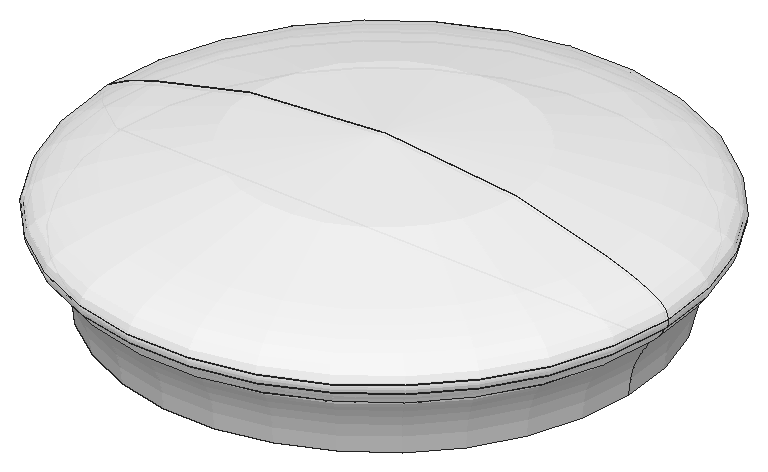
Revit family "0043410", category Lighting Devices, host Face, Revit 2023 (continued)
Definition of nested family "0043410_3000K_30W_lightsource"
  Parameters (values of type "START SURFACE IP54 MW 2500-4000 830/840 lightsource")
    built-in parameter 1150142 = "IESNA:LM-63-2002\r\n[TEST] 20231108003M-01\r\n[TESTLAB] \r\n[TESTDATE] 8 Nov 2023\r\n[ISSUEDATE] 8 Nov 2023\r\n[MANUFAC] SYLVANIA\r\n[LUMCAT] 0043410\r\n[LUMINAIRE] START Surface IP44 Multip MW 4000lm 830 840-3000K 2µµ\r\n[FLASHAREA] 0.030401\r\n[LAMPCAT] LED\r\n[LAMP] LED\r\nTILT=NONE\r\n1 3250.00 1.0 181 3 1 2 -0.400 -0.400 0.000\r\n1.00 1.00 30.00\r\n0.00 1.00 2.00 3.00 4.00 5.00 6.00 7.00 8.00 9.00 10.00 \r\n11.00 12.00 13.00 14.00 15.00 16.00 17.00 18.00 19.00 \r\n20.00 21.00 22.00 23.00 24.00 25.00 26.00 27.00 28.00 \r\n29.00 30.00 31.00 32.00 33.00 34.00 35.00 36.00 37.00 \r\n38.00 39.00 40.00 41.00 42.00 43.00 44.00 45.00 46.00 \r\n47.00 48.00 49.00 50.00 51.00 52.00 53.00 54.00 55.00 \r\n56.00 57.00 58.00 59.00 60.00 61.00 62.00 63.00 64.00 \r\n65.00 66.00 67.00 68.00 69.00 70.00 71.00 72.00 73.00 \r\n74.00 75.00 76.00 77.00 78.00 79.00 80.00 81.00 82.00 \r\n83.00 84.00 85.00 86.00 87.00 88.00 89.00 90.00 91.00 \r\n92.00 93.00 94.00 95.00 96.00 97.00 98.00 99.00 100.00 \r\n101.00 102.00 103.00 104.00 105.00 106.00 107.00 108.00 \r\n109.00 110.00 111.00 112.00 113.00 114.00 115.00 116.00 \r\n117.00 118.00 119.00 120.00 121.00 122.00 123.00 124.00 \r\n125.00 126.00 127.00 128.00 129.00 130.00 131.00 132.00 \r\n133.00 134.00 135.00 136.00 137.00 138.00 139.00 140.00 \r\n141.00 142.00 143.00 144.00 145.00 146.00 147.00 148.00 \r\n149.00 150.00 151.00 152.00 153.00 154.00 155.00 156.00 \r\n157.00 158.00 159.00 160.00 161.00 162.00 163.00 164.00 \r\n165.00 166.00 167.00 168.00 169.00 170.00 171.00 172.00 \r\n173.00 174.00 175.00 176.00 177.00 178.00 179.00 180.00 \r\n0.00 45.00 90.00 \r\n780.32 780.32 780.00 780.00 779.68 779.02 778.38 777.40 \r\n776.43 775.13 773.82 772.20 770.57 768.30 766.02 763.75 \r\n761.15 758.23 755.30 752.38 748.80 745.23 741.32 737.10 \r\n732.88 728.32 723.77 718.57 713.38 707.85 702.32 696.48 \r\n690.30 684.13 677.30 670.80 663.65 656.50 649.02 641.55 \r\n633.43 625.30 616.85 608.40 599.63 590.52 581.43 572.00 \r\n562.57 552.82 542.75 532.68 522.60 511.88 501.15 490.10 \r\n479.38 468.32 456.95 445.57 434.20 422.82 411.13 399.10 \r\n387.40 375.38 363.68 351.97 340.28 328.25 316.55 305.44 \r\n294.29 283.17 271.96 260.78 250.06 239.27 228.96 218.53 \r\n208.94 199.81 190.87 182.36 173.94 166.04 158.44 151.09 \r\n144.17 137.41 131.40 125.71 120.48 115.54 110.92 106.73 \r\n102.77 99.32 96.20 93.27 90.71 88.43 86.35 84.47 82.81 \r\n81.38 80.05 78.91 77.87 76.89 75.95 75.08 74.23 73.42 \r\n72.67 71.89 71.05 70.30 69.55 68.80 68.02 67.24 66.37 \r\n65.52 64.58 63.67 62.69 61.72 60.74 59.64 58.53 57.40 \r\n56.26 55.06 53.79 52.65 51.55 50.50 49.40 48.26 47.13 \r\n45.86 44.59 43.23 41.96 40.82 39.75 38.87 37.96 37.18 \r\n36.27 35.46 34.68 33.90 33.18 32.63 32.56 32.53 31.85 \r\n31.03 30.18 29.55 28.82 28.05 27.08 26.12 25.24 24.19 \r\n22.98 21.60 20.07 18.37 16.49 14.30 12.54 10.96 9.81 7.91 \r\n6.18 6.13 6.12 \r\n780.32 780.32 780.32 780.00 779.68 779.02 778.38 777.73 \r\n776.75 775.45 774.15 772.52 770.90 768.95 767.00 764.73 \r\n761.80 759.52 756.27 753.35 750.10 746.52 742.95 738.73 \r\n734.82 730.27 725.73 720.85 715.98 710.77 704.93 699.40 \r\n693.55 687.38 681.20 674.38 667.55 660.73 653.25 646.10 \r\n638.30 630.82 622.70 614.57 606.13 598.00 588.90 579.48 \r\n570.38 560.63 550.88 540.80 531.05 520.65 510.25 499.52 \r\n488.80 477.75 466.70 455.65 444.27 432.57 421.52 409.82 \r\n398.13 386.10 374.40 362.70 351.32 339.30 327.60 316.03 \r\n304.56 292.99 281.71 270.53 259.68 248.92 238.16 227.92 \r\n217.94 208.78 199.68 191.07 182.68 174.66 166.59 158.86 \r\n151.71 144.85 138.48 132.34 126.75 121.39 116.58 111.96 \r\n107.74 103.94 100.33 97.05 94.15 91.49 89.02 86.81 84.92 \r\n83.13 81.58 80.21 78.94 77.97 77.02 76.21 75.47 74.81 \r\n74.23 73.71 73.29 72.83 72.41 71.95 71.50 71.01 70.52 \r\n70.00 69.48 68.97 68.44 67.92 67.41 66.92 66.40 65.88 \r\n65.29 64.77 64.19 63.57 62.85 62.14 61.33 60.48 59.51 \r\n58.50 57.52 56.52 55.58 54.66 53.79 52.91 52.10 51.22 \r\n50.08 48.95 47.48 46.05 44.56 42.93 41.31 40.10 39.20 \r\n38.25 36.89 35.52 34.22 32.86 31.29 29.62 27.93 25.83 \r\n23.39 21.16 19.09 17.80 16.61 16.92 14.93 11.95 8.95 7.54 \r\n6.29 6.14 6.14 \r\n780.32 780.00 780.00 779.35 779.02 778.38 777.40 776.75 \r\n775.45 774.48 772.85 771.23 769.60 767.32 765.38 762.77 \r\n760.18 757.57 754.65 751.73 748.15 744.90 741.00 737.10 \r\n732.88 728.32 723.77 718.90 713.70 708.50 702.98 697.45 \r\n691.60 685.43 678.93 672.10 665.60 658.45 651.30 643.82 \r\n636.02 628.23 620.10 611.98 603.20 594.43 585.65 576.55 \r\n567.13 557.70 547.95 537.88 527.80 517.40 507.00 496.60 \r\n485.55 474.82 463.77 452.73 441.35 429.65 418.60 406.57 \r\n395.20 383.50 372.13 360.10 348.40 336.70 324.87 313.46 \r\n302.44 291.46 280.47 269.46 258.47 247.75 237.38 226.88 \r\n217.07 207.77 198.93 190.35 182.03 173.78 165.88 158.28 \r\n151.06 144.37 137.74 131.66 126.10 121.00 116.12 111.54 \r\n107.38 103.42 99.87 96.59 93.67 91.00 88.63 86.48 84.53 \r\n82.75 81.19 79.85 78.65 77.58 76.50 75.53 74.59 73.71 \r\n72.87 72.05 71.37 70.69 69.97 69.23 68.44 67.70 66.85 \r\n66.11 65.23 64.32 63.38 62.50 61.62 60.74 59.90 59.12 \r\n58.27 57.46 56.62 55.80 55.09 54.40 53.66 52.98 52.19 \r\n51.38 50.41 49.34 48.10 46.87 45.50 44.20 43.09 42.12 \r\n41.21 40.27 39.16 38.12 37.15 36.17 35.30 34.45 33.48 \r\n32.27 30.96 29.75 28.46 27.33 26.11 24.92 23.88 22.96 \r\n21.76 20.24 18.66 16.88 15.79 16.11 15.62 13.48 10.91 \r\n8.78 7.22 6.17 6.14 \r\n"
    Model = "START SURFACE IP54 MW 2500-4000 830/840 lightsource"
    Manufacturer = "Feilo Sylvania"
    built-in parameter 1150105 = 28170.4 (stored number, unit not read)
    Lumens = 354000 lm
    built-in parameter 1150115 = 1 (stored number, unit not read)
    built-in parameter 1150137 = (empty or 0)
    built-in parameter 1150139 = (empty or 0)
    built-in parameter 1150112 = 1 (stored number, unit not read)
    built-in parameter 1150114 = 1 (stored number, unit not read)
    Lamp = "LED"
    Keynote = "16500"
    built-in parameter 1150132 = (empty or 0)
    built-in parameter 1150102 = 118
    built-in parameter 1150107 = 3000 (stored number, unit not read)
    built-in parameter 1150138 = (empty or 0)
    built-in parameter 1150106 = 281.7 (stored number, unit not read)
    Emit from Circle Diameter = 400 mm  # constant formula
    Emit Shape Visible in Rendering = no
    built-in parameter 1150104 = 10.963 (stored number, unit not read)
    Dimming Lamp Color Temperature Shift = (empty or 0)
    Description = ""
    Default Elevation = 1219.2 mm
    Cost = 0
    Color Filter = 16777215
    built-in parameter 1114216 [instance] = (empty or 0)
    built-in parameter 1114218 = 1 (stored number, unit not read)
    built-in parameter 1150133 = 10 (stored number, unit not read)
    Assembly Code = "D5020200"
    Apparent Load = 0 VA
  Reference planes
    plane 1 "Center (Front/Back)": y = 0
    plane 2: z = 0
    plane 3 "Center (Left/Right)": x = 0
  Forms (mm)
    Extrusion 1, solid
      sketch origin (4.2, 0, 0) x (1, 0, 0) y (0, 1, 0)
        loop
          line (-1219.2, 1219.2) -> (-1219.2, -1219.2) -> (1219.2, -1219.2) -> (1219.2, 1219.2) -> (-1219.2, 1219.2)
      from 0 to -68.017
  Dimensions and locks
    aligned and locked: plane 2 to Extrusion 1
    aligned and locked: level to Extrusion 1
Definition of nested family "0043410_3000K_34W_lightsource"
  Parameters (values of type "START SURFACE IP54 MW 2500-4000 830/840 lightsource")
    Wattage Comments = "n/a"
    Wattage = 34 W
    built-in parameter 1150110 = 1 (stored number, unit not read)
    URL = "http://www.sylvania-lighting.com"
    Type Image = (empty or 0)
    Type Comments = "n/a"
    built-in parameter 1114217 = 1 (stored number, unit not read)
    Tilt Angle = -90.00°
    built-in parameter 1150109 = 1 (stored number, unit not read)
    built-in parameter 1150134 = (empty or 0)
    built-in parameter 1150113 = 1 (stored number, unit not read)
    Photometric Web File = "0043410_3000K_34W.IES"
    built-in parameter 1150142 = "IESNA:LM-63-2002\r\n[TEST] 20231108003M-01\r\n[TESTLAB] \r\n[TESTDATE] 8 Nov 2023\r\n[ISSUEDATE] 8 Nov 2023\r\n[MANUFAC] SYLVANIA\r\n[LUMCAT] 0043410\r\n[LUMINAIRE] START Surface IP44 Multip MW 4000lm 830 840-3000K 1µµ\r\n[FLASHAREA] 0.030401\r\n[LAMPCAT] LED\r\n[LAMP] LED\r\nTILT=NONE\r\n1 3750.00 1.0 181 3 1 2 -0.400 -0.400 0.000\r\n1.00 1.00 34.00\r\n0.00 1.00 2.00 3.00 4.00 5.00 6.00 7.00 8.00 9.00 10.00 \r\n11.00 12.00 13.00 14.00 15.00 16.00 17.00 18.00 19.00 \r\n20.00 21.00 22.00 23.00 24.00 25.00 26.00 27.00 28.00 \r\n29.00 30.00 31.00 32.00 33.00 34.00 35.00 36.00 37.00 \r\n38.00 39.00 40.00 41.00 42.00 43.00 44.00 45.00 46.00 \r\n47.00 48.00 49.00 50.00 51.00 52.00 53.00 54.00 55.00 \r\n56.00 57.00 58.00 59.00 60.00 61.00 62.00 63.00 64.00 \r\n65.00 66.00 67.00 68.00 69.00 70.00 71.00 72.00 73.00 \r\n74.00 75.00 76.00 77.00 78.00 79.00 80.00 81.00 82.00 \r\n83.00 84.00 85.00 86.00 87.00 88.00 89.00 90.00 91.00 \r\n92.00 93.00 94.00 95.00 96.00 97.00 98.00 99.00 100.00 \r\n101.00 102.00 103.00 104.00 105.00 106.00 107.00 108.00 \r\n109.00 110.00 111.00 112.00 113.00 114.00 115.00 116.00 \r\n117.00 118.00 119.00 120.00 121.00 122.00 123.00 124.00 \r\n125.00 126.00 127.00 128.00 129.00 130.00 131.00 132.00 \r\n133.00 134.00 135.00 136.00 137.00 138.00 139.00 140.00 \r\n141.00 142.00 143.00 144.00 145.00 146.00 147.00 148.00 \r\n149.00 150.00 151.00 152.00 153.00 154.00 155.00 156.00 \r\n157.00 158.00 159.00 160.00 161.00 162.00 163.00 164.00 \r\n165.00 166.00 167.00 168.00 169.00 170.00 171.00 172.00 \r\n173.00 174.00 175.00 176.00 177.00 178.00 179.00 180.00 \r\n0.00 45.00 90.00 \r\n900.38 900.38 900.38 900.00 899.63 898.88 898.13 897.00 \r\n895.88 894.38 892.50 890.63 888.75 886.50 883.88 881.25 \r\n878.25 875.25 871.50 867.75 864.00 859.50 855.38 850.13 \r\n845.25 840.00 834.38 828.75 823.13 816.75 810.00 803.25 \r\n796.13 788.63 781.13 773.25 765.00 756.75 748.50 739.13 \r\n730.13 720.75 711.00 701.25 691.13 680.63 670.13 659.25 \r\n648.38 637.13 625.50 613.50 601.88 589.50 577.13 564.75 \r\n552.00 539.25 526.13 513.00 499.88 486.75 473.25 459.38 \r\n445.88 432.38 418.88 405.00 391.13 378.00 364.50 351.15 \r\n337.84 324.71 312.38 300.04 287.74 275.47 263.51 252.23 \r\n241.35 231.04 220.99 211.05 201.38 192.19 183.15 174.71 \r\n166.61 159.00 152.03 145.43 139.31 133.69 128.55 123.67 \r\n119.25 115.16 111.38 108.08 105.04 102.23 99.83 97.65 \r\n95.70 93.94 92.47 91.09 89.89 88.76 87.71 86.70 85.72 \r\n84.75 83.85 82.91 81.97 81.11 80.25 79.42 78.56 77.63 \r\n76.65 75.64 74.63 73.58 72.41 71.25 70.05 68.78 67.46 \r\n66.11 64.76 63.41 61.95 60.60 59.36 58.13 56.85 55.54 \r\n54.23 52.76 51.26 49.69 48.15 46.84 45.71 44.63 43.65 \r\n42.71 41.66 40.69 39.79 38.85 37.99 37.39 37.34 37.23 \r\n36.41 35.43 34.47 33.77 32.94 32.02 30.91 29.76 28.79 \r\n27.60 26.19 24.60 22.86 20.94 18.77 16.32 14.28 12.46 \r\n11.14 9.01 7.17 7.12 7.09 \r\n900.38 900.38 900.38 900.00 899.63 899.25 898.50 897.38 \r\n896.25 895.13 893.63 891.75 889.88 887.25 885.00 882.38 \r\n879.75 876.75 873.38 869.63 865.88 862.13 857.63 853.13 \r\n848.25 843.00 838.13 832.50 826.50 820.50 814.50 807.75 \r\n801.00 793.88 786.38 778.88 771.00 763.13 754.88 745.88 \r\n737.25 728.25 718.88 709.13 699.75 689.63 679.13 668.63 \r\n657.75 647.25 636.00 624.75 614.25 601.88 589.50 577.50 \r\n564.75 552.38 539.25 526.88 513.75 500.25 487.50 473.63 \r\n460.50 447.00 433.50 419.63 406.13 392.63 379.13 365.78 \r\n352.43 339.19 326.18 313.39 300.71 288.38 276.08 264.26 \r\n252.75 242.29 231.75 222.00 212.21 202.91 193.72 184.69 \r\n176.44 168.38 160.99 153.79 147.45 141.30 135.64 130.24 \r\n125.25 120.67 116.51 112.72 109.20 106.16 103.27 100.72 \r\n98.40 96.41 94.50 92.89 91.42 90.15 89.14 88.20 87.34 \r\n86.59 85.88 85.24 84.75 84.26 83.74 83.21 82.65 82.05 \r\n81.49 80.89 80.33 79.73 79.16 78.53 77.93 77.29 76.73 \r\n76.13 75.49 74.85 74.14 73.42 72.64 71.74 70.76 69.75 \r\n68.66 67.54 66.38 65.25 64.20 63.19 62.17 61.13 60.19 \r\n59.02 57.83 56.55 54.90 53.25 51.52 49.61 47.74 46.27 \r\n45.26 44.14 42.71 41.02 39.56 38.03 36.29 34.34 32.34 \r\n29.98 27.19 24.51 22.10 20.63 19.26 19.67 17.46 13.91 \r\n10.52 8.92 7.40 7.13 7.13 \r\n900.38 900.00 899.63 899.25 898.88 898.13 897.00 895.88 \r\n894.75 893.25 891.38 889.50 887.63 885.00 882.38 880.13 \r\n877.13 873.75 870.38 867.00 862.88 858.75 854.25 849.75 \r\n844.88 839.63 834.00 828.38 822.75 816.75 810.00 803.63 \r\n796.88 789.38 782.25 774.38 766.50 758.63 750.00 741.38 \r\n732.38 723.38 714.00 704.25 694.13 684.00 673.88 663.38 \r\n652.50 641.25 630.38 618.38 607.13 595.13 582.75 570.75 \r\n558.38 545.25 532.88 520.13 506.63 493.87 480.38 466.88 \r\n453.75 439.88 426.75 413.25 399.75 385.88 372.82 359.44 \r\n345.68 333.07 320.03 307.61 295.24 283.43 271.35 259.61 \r\n248.44 237.79 227.74 217.95 208.16 198.75 189.82 181.05 \r\n172.95 165.23 157.73 150.86 144.49 138.64 133.05 128.06 \r\n123.08 118.69 114.60 110.89 107.66 104.59 101.92 99.49 \r\n97.39 95.36 93.60 92.10 90.71 89.55 88.27 87.26 86.25 \r\n85.24 84.26 83.36 82.54 81.79 81.00 80.14 79.31 78.41 \r\n77.44 76.54 75.60 74.63 73.58 72.53 71.51 70.50 69.56 \r\n68.59 67.58 66.60 65.63 64.69 63.82 63.00 62.14 61.31 \r\n60.41 59.44 58.42 57.11 55.72 54.26 52.73 51.23 49.95 \r\n48.82 47.77 46.69 45.49 44.25 43.01 41.92 40.91 39.94 \r\n38.81 37.45 35.88 34.44 32.95 31.61 30.21 28.83 27.63 \r\n26.54 25.14 23.41 21.54 19.50 18.25 18.68 18.03 15.53 \r\n12.57 10.11 8.30 7.15 7.13 \r\n"
    Model = "START SURFACE IP54 MW 2500-4000 830/840 lightsource"
    Manufacturer = "Feilo Sylvania"
    built-in parameter 1150105 = 319.26 (stored number, unit not read)
    Lumens = 4012 lm
    built-in parameter 1150115 = 1 (stored number, unit not read)
    built-in parameter 1150137 = (empty or 0)
    built-in parameter 1150139 = (empty or 0)
    built-in parameter 1150112 = 1 (stored number, unit not read)
    built-in parameter 1150114 = 1 (stored number, unit not read)
    Lamp = "LED"
    Keynote = "16500"
    built-in parameter 1150132 = (empty or 0)
    built-in parameter 1150102 = 118
    built-in parameter 1150107 = 3000 (stored number, unit not read)
    built-in parameter 1150138 = (empty or 0)
    built-in parameter 1150106 = 3.1926 (stored number, unit not read)
    Emit from Circle Diameter = 400 mm  # constant formula
    Emit Shape Visible in Rendering = no
    built-in parameter 1150104 = 10.963 (stored number, unit not read)
    Dimming Lamp Color Temperature Shift = (empty or 0)
    Description = ""
    Default Elevation = 1219.2 mm
    Cost = 0
    Color Filter = 16777215
    built-in parameter 1114216 [instance] = (empty or 0)
    built-in parameter 1114218 = 1 (stored number, unit not read)
    built-in parameter 1150133 = 10 (stored number, unit not read)
    Assembly Code = "D5020200"
    Apparent Load = 0 VA
  Reference planes
    plane 1 "Center (Front/Back)": y = 0
    plane 2: z = 0
    plane 3 "Center (Left/Right)": x = 0
  Forms (mm)
    Extrusion 1, solid
      sketch origin (4.2, 0, 0) x (1, 0, 0) y (0, 1, 0)
        loop
          line (-1219.2, 1219.2) -> (-1219.2, -1219.2) -> (1219.2, -1219.2) -> (1219.2, 1219.2) -> (-1219.2, 1219.2)
      from 0 to -68.017
  Dimensions and locks
    aligned and locked: plane 2 to Extrusion 1
    aligned and locked: level to Extrusion 1
Definition of nested family "0043410_4000K_22W_lightsource"
  Parameters (values of type "START SURFACE IP54 MW 2500-4000 830/840 lightsource")
    Wattage Comments = "n/a"
    Wattage = 22 W
    built-in parameter 1150110 = 1 (stored number, unit not read)
    URL = "http://www.sylvania-lighting.com"
    Type Image = (empty or 0)
    Type Comments = "n/a"
    built-in parameter 1114217 = 1 (stored number, unit not read)
    Tilt Angle = -90.00°
    built-in parameter 1150109 = 1 (stored number, unit not read)
    built-in parameter 1150134 = 12
    built-in parameter 1150113 = 1 (stored number, unit not read)
    Photometric Web File = "0043409_3000K_21W.IES"
    built-in parameter 1150142 = "IESNA:LM-63-2002\r\n[TEST] 20231016003M-01\r\n[TESTLAB] \r\n[TESTDATE] 16 Oct 2023\r\n[ISSUEDATE] 16 Oct 2023\r\n[MANUFAC] SYLVANIA\r\n[LUMCAT] 0043409\r\n[LUMINAIRE] START Surface IP44 Multip 4000lm 830 840-3000K 4µµ\r\n[FLASHAREA] 0.030401\r\n[LAMPCAT] LED\r\n[LAMP] LED\r\nTILT=NONE\r\n1 2350.00 1.0 181 4 1 2 -0.400 -0.400 0.000\r\n1.00 1.00 21.00\r\n0.00 1.00 2.00 3.00 4.00 5.00 6.00 7.00 8.00 9.00 10.00 \r\n11.00 12.00 13.00 14.00 15.00 16.00 17.00 18.00 19.00 \r\n20.00 21.00 22.00 23.00 24.00 25.00 26.00 27.00 28.00 \r\n29.00 30.00 31.00 32.00 33.00 34.00 35.00 36.00 37.00 \r\n38.00 39.00 40.00 41.00 42.00 43.00 44.00 45.00 46.00 \r\n47.00 48.00 49.00 50.00 51.00 52.00 53.00 54.00 55.00 \r\n56.00 57.00 58.00 59.00 60.00 61.00 62.00 63.00 64.00 \r\n65.00 66.00 67.00 68.00 69.00 70.00 71.00 72.00 73.00 \r\n74.00 75.00 76.00 77.00 78.00 79.00 80.00 81.00 82.00 \r\n83.00 84.00 85.00 86.00 87.00 88.00 89.00 90.00 91.00 \r\n92.00 93.00 94.00 95.00 96.00 97.00 98.00 99.00 100.00 \r\n101.00 102.00 103.00 104.00 105.00 106.00 107.00 108.00 \r\n109.00 110.00 111.00 112.00 113.00 114.00 115.00 116.00 \r\n117.00 118.00 119.00 120.00 121.00 122.00 123.00 124.00 \r\n125.00 126.00 127.00 128.00 129.00 130.00 131.00 132.00 \r\n133.00 134.00 135.00 136.00 137.00 138.00 139.00 140.00 \r\n141.00 142.00 143.00 144.00 145.00 146.00 147.00 148.00 \r\n149.00 150.00 151.00 152.00 153.00 154.00 155.00 156.00 \r\n157.00 158.00 159.00 160.00 161.00 162.00 163.00 164.00 \r\n165.00 166.00 167.00 168.00 169.00 170.00 171.00 172.00 \r\n173.00 174.00 175.00 176.00 177.00 178.00 179.00 180.00 \r\n0.00 30.00 60.00 90.00 \r\n562.12 561.65 561.65 561.65 560.00 559.53 560.48 559.53 \r\n559.07 557.89 557.19 555.77 554.13 553.43 551.54 549.67 \r\n547.78 546.38 544.97 543.56 540.74 537.92 535.10 532.27 \r\n529.22 524.99 522.88 518.41 515.59 512.07 507.83 503.84 \r\n499.14 495.14 490.44 485.28 480.81 475.88 469.77 464.83 \r\n458.49 453.32 447.21 440.63 434.75 428.41 422.53 415.01 \r\n408.43 400.91 394.57 386.57 379.76 372.48 364.96 356.97 \r\n349.21 340.75 333.23 325.24 316.54 308.32 300.33 292.11 \r\n283.41 274.72 266.25 257.56 249.10 240.64 231.76 223.67 \r\n215.26 207.20 198.81 190.40 182.71 175.33 167.65 160.32 \r\n153.03 146.24 139.68 133.27 127.21 121.10 115.69 110.19 \r\n105.09 100.20 95.90 91.74 87.91 84.51 81.29 78.47 75.79 \r\n73.32 70.97 68.83 67.00 65.35 63.71 62.35 61.17 60.02 \r\n59.03 58.26 57.43 56.73 56.00 55.39 54.85 54.14 53.65 \r\n53.02 52.41 51.77 51.16 50.55 49.98 49.37 48.69 48.01 \r\n47.28 46.60 45.83 45.10 44.27 43.52 42.75 41.92 41.15 \r\n40.28 39.39 38.66 37.86 37.01 36.19 35.30 34.43 33.49 \r\n32.52 31.61 30.71 30.08 29.38 28.65 27.92 27.24 26.56 \r\n25.92 25.31 24.77 24.28 23.76 23.69 23.78 23.71 23.11 \r\n22.43 21.77 21.23 20.69 19.95 19.35 18.62 17.58 16.61 \r\n15.60 14.53 13.30 11.91 10.14 8.71 7.61 6.92 5.62 4.37 \r\n4.36 4.36 \r\n562.12 561.88 561.88 561.65 561.42 561.18 560.71 560.24 \r\n559.30 558.36 557.42 556.25 555.31 553.43 552.25 550.61 \r\n548.49 546.85 544.73 542.38 540.50 537.45 534.63 532.04 \r\n528.75 525.69 522.41 518.88 514.88 511.36 507.37 502.90 \r\n499.14 494.44 489.98 485.28 480.34 475.64 469.77 464.36 \r\n458.72 453.08 447.44 441.57 434.99 428.88 422.06 415.48 \r\n408.43 401.85 394.80 387.52 380.23 372.71 364.96 356.97 \r\n349.21 341.46 333.70 325.71 317.02 308.79 300.56 292.11 \r\n283.88 275.66 267.67 258.97 250.51 242.05 233.26 224.94 \r\n216.48 208.28 200.06 191.95 184.43 176.77 169.25 162.01 \r\n154.96 148.07 141.40 134.87 128.33 122.32 116.40 110.66 \r\n105.59 100.74 96.23 92.17 88.38 84.84 81.66 78.77 76.14 \r\n73.65 71.46 69.37 67.61 65.78 64.23 62.86 61.62 60.44 \r\n59.46 58.49 57.65 56.92 56.24 55.65 55.06 54.57 54.14 \r\n53.72 53.32 52.90 52.50 52.10 51.75 51.35 50.90 50.45 \r\n50.06 49.61 49.23 48.81 48.36 47.92 47.52 47.05 46.51 \r\n45.99 45.38 44.81 44.20 43.50 42.84 42.14 41.43 40.68 \r\n39.95 39.20 38.49 37.69 36.94 36.21 35.53 34.94 34.31 \r\n33.56 32.74 31.94 31.00 29.80 28.53 27.47 26.56 25.62 \r\n24.70 23.81 22.78 21.79 20.75 19.81 18.92 17.95 16.90 \r\n15.54 14.10 12.60 11.33 10.98 9.58 7.88 6.53 4.85 4.45 \r\n4.43 4.41 \r\n562.12 562.12 562.12 561.88 561.65 561.42 560.95 560.48 \r\n559.77 559.07 558.13 557.19 556.01 554.60 553.19 551.78 \r\n550.37 548.96 547.78 545.20 542.62 540.03 537.45 534.63 \r\n531.81 528.51 525.46 522.17 518.41 514.65 510.89 506.89 \r\n502.67 498.20 493.74 489.04 484.33 479.17 474.00 468.83 \r\n463.19 457.55 451.67 445.56 439.45 433.34 426.76 420.18 \r\n413.37 406.55 399.27 391.98 384.93 377.41 369.89 362.13 \r\n354.14 346.39 338.40 330.41 322.19 313.49 305.27 296.81 \r\n288.58 279.88 271.43 262.73 254.27 245.58 237.12 228.54 \r\n220.24 211.78 203.65 195.75 187.98 180.36 173.03 165.79 \r\n158.81 151.90 145.00 138.34 131.65 125.21 118.89 112.92 \r\n107.49 102.32 97.69 93.27 89.30 85.66 82.27 79.15 76.35 \r\n73.77 71.39 69.21 67.33 65.52 63.90 62.44 61.08 59.88 \r\n58.84 57.93 57.06 56.28 55.58 54.94 54.33 53.79 53.32 \r\n52.85 52.43 52.01 51.58 51.18 50.78 50.38 50.01 49.63 \r\n49.26 48.88 48.53 48.10 47.73 47.38 47.02 46.65 46.25 \r\n45.80 45.33 44.79 44.18 43.55 42.93 42.30 41.59 40.87 \r\n40.07 39.29 38.49 37.72 36.90 36.10 35.30 34.52 33.75 \r\n33.09 32.38 31.63 30.81 29.66 28.41 27.00 25.57 24.32 \r\n23.28 22.49 21.86 21.07 20.13 18.99 17.65 16.30 15.01 \r\n13.71 12.47 11.61 11.08 11.03 10.08 7.64 5.73 4.77 4.37 \r\n4.37 4.37 \r\n562.12 562.12 562.12 562.12 561.65 561.65 561.18 560.71 \r\n560.00 559.30 558.36 557.42 556.25 554.84 553.66 552.01 \r\n550.37 548.73 546.61 544.50 542.14 539.79 536.98 534.39 \r\n531.57 528.28 524.99 521.70 518.18 514.42 510.66 506.66 \r\n502.67 498.20 493.74 489.04 484.10 479.17 474.00 468.83 \r\n463.19 457.55 451.91 446.03 439.69 433.57 427.00 420.42 \r\n413.60 406.79 399.97 392.69 385.40 377.88 370.36 362.61 \r\n354.85 347.09 339.11 330.88 322.66 314.19 305.97 297.51 \r\n289.52 281.30 273.07 264.61 255.92 247.46 238.76 230.28 \r\n221.89 213.57 205.23 197.17 189.20 181.68 174.32 167.13 \r\n160.20 153.41 146.43 139.73 133.06 126.64 120.18 113.98 \r\n108.26 102.98 98.09 93.51 89.46 85.73 82.16 79.03 76.07 \r\n73.34 70.92 68.69 66.69 64.81 63.07 61.57 60.25 59.03 \r\n57.90 56.92 56.02 55.18 54.33 53.65 52.99 52.36 51.70 \r\n51.04 50.45 49.84 49.26 48.65 47.99 47.33 46.67 46.04 \r\n45.38 44.65 43.90 43.17 42.46 41.78 41.08 40.42 39.76 \r\n39.08 38.47 37.88 37.27 36.71 36.14 35.58 34.99 34.38 \r\n33.65 32.74 31.84 30.95 30.01 29.14 28.41 27.71 26.98 \r\n26.27 25.54 24.75 24.06 23.36 22.63 21.90 21.19 20.35 \r\n19.64 18.87 18.07 17.34 16.49 15.72 15.13 14.70 13.98 \r\n12.98 11.83 10.52 9.78 9.95 9.41 7.93 6.38 5.14 4.43 4.39 \r\n4.38 \r\n"
    Model = "START SURFACE IP54 MW 2500-4000 830/840 lightsource"
    Manufacturer = "Feilo Sylvania"
    built-in parameter 1150105 = 206.58 (stored number, unit not read)
    Lumens = 2596 lm
    built-in parameter 1150115 = 1 (stored number, unit not read)
    built-in parameter 1150137 = (empty or 0)
    built-in parameter 1150139 = (empty or 0)
    built-in parameter 1150112 = 1 (stored number, unit not read)
    built-in parameter 1150114 = 1 (stored number, unit not read)
    Lamp = "LED"
    Keynote = "16500"
    built-in parameter 1150132 = (empty or 0)
    built-in parameter 1150102 = 118
    built-in parameter 1150107 = 4000 (stored number, unit not read)
    built-in parameter 1150138 = (empty or 0)
    built-in parameter 1150106 = 2.0658 (stored number, unit not read)
    Emit from Circle Diameter = 400 mm  # constant formula
    Emit Shape Visible in Rendering = no
    built-in parameter 1150104 = 10.963 (stored number, unit not read)
    Dimming Lamp Color Temperature Shift = (empty or 0)
    Description = ""
    Default Elevation = 1219.2 mm
    Cost = 0
    Color Filter = 16777215
    built-in parameter 1114216 [instance] = (empty or 0)
    built-in parameter 1114218 = 1 (stored number, unit not read)
    built-in parameter 1150133 = 10 (stored number, unit not read)
    Assembly Code = "D5020200"
    Apparent Load = 0 VA
  Reference planes
    plane 1 "Center (Front/Back)": y = 0
    plane 2: z = 0
    plane 3 "Center (Left/Right)": x = 0
  Forms (mm)
    Extrusion 1, solid
      sketch origin (4.2, 0, 0) x (1, 0, 0) y (0, 1, 0)
        loop
          line (-1219.2, 1219.2) -> (-1219.2, -1219.2) -> (1219.2, -1219.2) -> (1219.2, 1219.2) -> (-1219.2, 1219.2)
      from 0 to -68.017
  Dimensions and locks
    aligned and locked: plane 2 to Extrusion 1
    aligned and locked: level to Extrusion 1
Definition of nested family "0043410_4000K_26W_lightsource"
  Parameters (values of type "START SURFACE IP54 MW 2500-4000 830/840 lightsource")
    Wattage Comments = "n/a"
    Wattage = 9.2903 W
    built-in parameter 1150110 = 1 (stored number, unit not read)
    URL = "http://www.sylvania-lighting.com"
    Type Image = (empty or 0)
    Type Comments = "n/a"
    built-in parameter 1114217 = 1 (stored number, unit not read)
    Tilt Angle = -90.00°
    built-in parameter 1150109 = 1 (stored number, unit not read)
    built-in parameter 1150134 = 3
    built-in parameter 1150113 = 1 (stored number, unit not read)
    Photometric Web File = "0043409_3000K_21W.IES"
